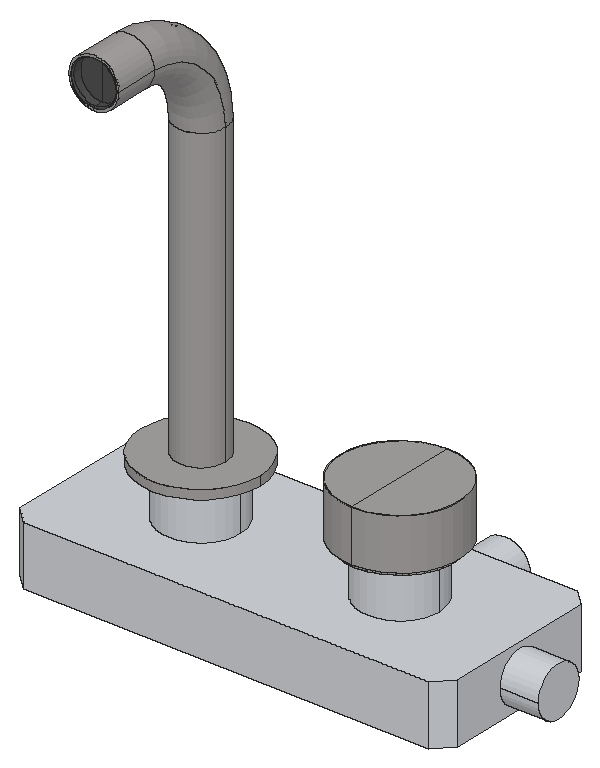
Revit family "Reece_Tap_Milli_Pure_Basin Mixer_Progressive_Wall Mounted_200 mm_Cirque Texture", category Plumbing Fixtures, host Face, Revit 2018
Family settings
  Host = Face
  Round Connector Dimension = Use Diameter
  Part Type = Normal
  Cut with Voids When Loaded = No
  Shared = Yes
  Room Calculation Point = Yes
Parameters (values of type "Brushed Gunmetal")
  WFU = 0  # constant formula
  URL = "https://www.reece.com.au/product/-2224796"
  Type Comments = "Tap"
  Reece_Tap_Reach = 200 mm  # constant formula
  Reece_Tap_Inlet = 12 mm  # constant formula
  Reece_Product_Web Page = "https://www.reece.com.au/product/-2224796"
  Reece_Product_Type = "Tap"  # constant formula
  Reece_Product_Sub Brand = "Pure"  # constant formula
  Reece_Product_Number = "2224796"
  Reece_Product_Mount = "Wall Mounted"
  Reece_Product_Description = "Milli Pure Progressive Wall Basin Mixer Tap System 200mm with Cirque Textured Handle Brushed Gunmetal (3 star)"
  Reece_Product_Brand = "Milli"  # constant formula
  Reece_Overall_Length = 212.5 mm  # constant formula
  Reece_Material_Secondary = Reece_Brass_Brushed Gunmetal_Cirque Pattern
  Reece_Material-Main = Reece_Brass_Brushed Gunmetal
  Reece_Detail_Tap_Handle Texture = "Cirque Texture"  # constant formula
  Reece_Detail_Installation = ""
  Reece_Detail_Disclaimer = "THIS FILE IS THE PROPERTY OF THE REECE GROUP. IT MAY NOT BE REPRODUCED, REVERSE-ENGINEERED OR MODIFIED. ANY REPUBLICATION, TRANSMISSION OR DISTRIBUTION FOR THE PURPOSE OF COMMERCIALLY EXPLOITING THE FILES IS PROHIBITED."  # constant formula
  Reece_Detail_Connector = ""
  Reece_Detail_Additional = "Basin Mixer"  # constant formula
  Reece_3D Texture = no
  Reece_3D Simplified Geometry = not(Reece_3D Texture)  # yes
  Model = "Pure"
  Manufacturer = "Milli"
  Keynote = "Product #2224796, Reece_Tap_Milli_Pure_Basin Mixer_Progressive_Wall Mounted_200 mm_Cirque Texture - Brushed Gunmetal"
  HWFU = 0  # constant formula
  Disclaimer = "THIS FILE IS THE PROPERTY OF THE REECE GROUP. IT MAY NOT BE REPRODUCED, REVERSE-ENGINEERED OR MODIFIED. ANY REPUBLICATION, TRANSMISSION OR DISTRIBUTION FOR THE PURPOSE OF COMMERCIALLY EXPLOITING THE FILES IS PROHIBITED."  # constant formula
  Description = "Milli Pure Progressive Wall Basin Mixer Tap System 200mm with Cirque Textured Handle Brushed Gunmetal (3 star)"
  Default Elevation = 1000 mm
  CWFU = 0  # constant formula
Types (7, lengths in mm): name | URL | Reece_Product_Web Page | Reece_Product_Number | Reece_Product_Description | Reece_Material_Secondary | Reece_Material-Main | Keynote | Description
  (no name) | "https://www.reece.com.au/product/-2224796" | "https://www.reece.com.au/product/-2224796" | "2224796" | "Milli Pure Progressive Wall Basin Mixer Tap System 200mm with Cirque Textured Handle Brushed Gunmetal (3 star)" | Reece_Brass_Brushed Gunmetal_Cirque Pattern | Reece_Brass_Brushed Gunmetal | "Product #2224796, Reece_Tap_Milli_Pure_Basin Mixer_Progressive_Wall Mounted_200 mm_Cirque Texture -  " | "Milli Pure Progressive Wall Basin Mixer Tap System 200mm with Cirque Textured Handle Brushed Gunmetal (3 star)"
  Brushed Gunmetal | "https://www.reece.com.au/product/-2224796" | "https://www.reece.com.au/product/-2224796" | "2224796" | "Milli Pure Progressive Wall Basin Mixer Tap System 200mm with Cirque Textured Handle Brushed Gunmetal (3 star)" | Reece_Brass_Brushed Gunmetal_Cirque Pattern | Reece_Brass_Brushed Gunmetal | "Product #2224796, Reece_Tap_Milli_Pure_Basin Mixer_Progressive_Wall Mounted_200 mm_Cirque Texture - Brushed Gunmetal" | "Milli Pure Progressive Wall Basin Mixer Tap System 200mm with Cirque Textured Handle Brushed Gunmetal (3 star)"
  Chrome | "https://www.reece.com.au/product/-2224794" | "https://www.reece.com.au/product/-2224794" | "2224794" | "Milli Pure Progressive Wall Basin Mixer Tap System 200mm with Cirque Textured Handle Chrome (3 star)" | Reece_Brass_Chrome_Cirque Pattern | Reece_Brass_Chrome | "Product #2224794, Reece_Tap_Milli_Pure_Basin Mixer_Progressive_Wall Mounted_200 mm_Cirque Texture - Chrome" | "Milli Pure Progressive Wall Basin Mixer Tap System 200mm with Cirque Textured Handle Chrome (3 star)"
  Matte Black | "https://www.reece.com.au/product/-2224797" | "https://www.reece.com.au/product/-2224797" | "2224797" | "Milli Pure Progressive Wall Basin Mixer Tap System 200mm with Cirque Textured Handle Matte Black (3 star)" | Reece_Brass_Matte Black_Cirque Pattern | Reece_Brass_Matte Black | "Product #2224797, Reece_Tap_Milli_Pure_Basin Mixer_Progressive_Wall Mounted_200 mm_Cirque Texture - Matte Black" | "Milli Pure Progressive Wall Basin Mixer Tap System 200mm with Cirque Textured Handle Matte Black (3 star)"
  Brushed Nickel | "https://www.reece.com.au/product/-2224795" | "https://www.reece.com.au/product/-2224795" | "2224795" | "Milli Pure Progressive Wall Basin Mixer Tap System 200mm with Cirque Textured Handle Brushed Nickel (3 star)" | Reece_Brass_Brushed Nickel_Cirque Pattern | Reece_Brass_Brushed Nickel | "Product #2224795, Reece_Tap_Milli_Pure_Basin Mixer_Progressive_Wall Mounted_200 mm_Cirque Texture - Brushed Nickel" | "Milli Pure Progressive Wall Basin Mixer Tap System 200mm with Cirque Textured Handle Brushed Nickel (3 star)"
  PVD Brushed Bronze | "https://www.reece.com.au/product/-9511045" | "https://www.reece.com.au/product/-9511045" | "9511045" | "Milli Pure Progressive Wall Basin Mixer Tap System 200mm with Cirque Textured Handle PVD Brushed Bronze (3 Star)" | Reece_PVD_Brushed Bronze_Cirque Pattern | Reece_PVD_Brushed Bronze | "Product #9511045, Reece_Tap_Milli_Pure_Basin Mixer_Progressive_Wall Mounted_200 mm_Cirque Texture - PVD Brushed Bronze" | "Milli Pure Progressive Wall Basin Mixer Tap System 200mm with Cirque Textured Handle PVD Brushed Bronze (3 Star)"
  PVD Brushed Gold | "https://www.reece.com.au/product/-9510860" | "https://www.reece.com.au/product/-9510860" | "9510860" | "Milli Pure Progressive Wall Basin Mixer Tap System 200mm with Cirque Textured Handle PVD Brushed Gold (3 Star)" | Reece_PVD_Brushed Gold_Cirque Pattern | Reece_PVD_Brushed Gold | "Product #9510860, Reece_Tap_Milli_Pure_Basin Mixer_Progressive_Wall Mounted_200 mm_Cirque Texture - PVD Brushed Gold" | "Milli Pure Progressive Wall Basin Mixer Tap System 200mm with Cirque Textured Handle PVD Brushed Gold (3 Star)"
Reference planes
  plane 1 "Center (Front/Back)": y = 0
  plane 2 "Bottom": z = 0
  plane 3 "Center (Left/Right)": x = 0
  plane 4 "Top": z = 212.5
  plane 5: z = 200
  plane 6: y = -67
Forms (mm)
  Extrusion 1, solid, material "Reece_Brass_Brushed Gunmetal" <- "Reece_Material-Main"
    sketch origin (0, 0, 0) x (1, 0, 0) y (0, 1, 0)
      loop
        circle (-50, 0) r 30
    from 0 to 4.5
  Extrusion 2, solid, material "Reece_Brass_Brushed Gunmetal" <- "Reece_Material-Main"
    sketch origin (0, 0, 0) x (1, 0, 0) y (0, 1, 0)
      loop
        circle (50, 0) r 28
    from 1.5 to 0
  Sweep 3, solid, material "Reece_Brass_Brushed Gunmetal" <- "Reece_Material-Main"
    path origin (0, 0, 0) x (0, 1, 0) y (0, 0, 1)
      loop
        line (-67, 200) -> (-45, 200)
        arc (-45, 200) -> (-13.18, 186.82) -> (0, 155) r 45
        line (0, 155) -> (0, 0)
    profile origin (0, 0, 77.5) x (1, 0, 0) y (0, 1, 0)
      loop
        circle (-50, 0) r 12.5
      loop
        circle (-50, 0) r 11.5
  Revolve 4, solid, material "Reece_Brass_Matte Black"
    sketch origin (-50, -183.21, 68.488) x (0, 0.572951, -0.81959) y (0, 0.81959, 0.572951)
      loop
        line (-38.39, 174.619) -> (-37.119, 176.437) -> (-46.38, 182.911) -> (-50.465, 177.068) -> (-49.461, 177.508) -> (-47.184, 180.766) -> (-38.39, 174.619)
      axis (-37.119, 176.437) -> (-41.203, 170.594)
    angle from 0 to 360
  Extrusion 5, solid
    sketch origin (0, 0, 0) x (1, 0, 0) y (0, 1, 0)
      loop
        circle (50, 0) r 20
    from 0 to -25
  Extrusion 6, solid
    sketch origin (0, 0, 0) x (1, 0, 0) y (0, 1, 0)
      loop
        line (-101.853, 46.5) -> (-110, 38.353) -> (-110, -38.353) -> (-101.853, -46.5) -> (101.853, -46.5) -> (110, -38.353) -> (110, 38.353) -> (101.853, 46.5) -> (-101.853, 46.5)
    from -55 to -25
  Extrusion 7, solid
    sketch origin (-100, 0, 0) x (1, 0, 0) y (0, 1, 0)
      loop
        circle (50, 0) r 20
    from 0 to -25
  Extrusion 8, solid
    sketch origin (0, 0, 0) x (1, 0, 0) y (0, 0, 1)
      loop
        circle (50, -40) r 12.5
    from -66.119 to -46.5
  Extrusion 9, solid
    sketch origin (63.5, 50, 0) x (0, -1, 0) y (0, 0, 1)
      loop
        circle (50, -40) r 12.5
    from -66.119 to -46.5
  Extrusion 10, void
    sketch origin (-100, 0, 0) x (1, 0, 0) y (0, 1, 0)
      loop
        circle (50, 0) r 25
    from 0 to -30
  Extrusion 11, void
    sketch origin (100, 0, 0) x (-1, 0, 0) y (0, -1, 0)
      loop
        circle (50, 0) r 25
    from 0 to -30
Cuts and joins
  Extrusion 11 cuts Extrusion 1
  Extrusion 11 cuts Sweep 3
  joined: Extrusion 1, Sweep 3
  Extrusion 11 cuts Extrusion 7
  Extrusion 11 cuts Extrusion 8
  Extrusion 11 cuts Extrusion 9
  joined: Extrusion 5, Extrusion 6, Extrusion 7, Extrusion 8, Extrusion 9
Text (mm)
  text "Reece Copyright © 2018, Reece Ltd." at (-1403.988, -1192.393, 0), in view "Ref. Level"
  text "Reece ©" at (44.384, 258.95, 192.345), in view "Reece Preview"
Dimensions and locks
  "Reece_Tap_Reach": plane 5 to plane 2 "Bottom"
  plane 1 "Center (Front/Back)" to plane 6 = 67 mm
  locked: plane 4 "Top" to plane 5 at 12.5
  "Reece_Overall_Length": plane 4 "Top" to plane 2 "Bottom"
  aligned and locked: plane 2 "Bottom" to host face
  aligned and locked: level to host face
  aligned and locked: host face to Extrusion 10
Automatic sketch dimensions
  host sketch curve to host sketch curve = 380.785 mm
  host sketch curve to host sketch curve = 317.421 mm
  plane 1 "Center (Front/Back)" to Extrusion 1 sketch curve = 0 mm
  Extrusion 1 sketch curve to plane 3 "Center (Left/Right)" = 50 mm
  plane 1 "Center (Front/Back)" to Extrusion 2 sketch curve = 0 mm
  plane 3 "Center (Left/Right)" to Extrusion 2 sketch curve = 50 mm
  Sweep 3 sketch curve to plane 5 = 0 mm
  Sweep 3 sketch curve to plane 6 = 0 mm
  level to Sweep 3 sketch curve = 0 mm
  Sweep 3 sketch curve to plane 1 "Center (Front/Back)" = 0 mm
  Sweep 3 sketch curve to plane 6 = 22 mm
  Sweep 3 sketch curve to Sweep 3 sketch curve = 0 mm  (x2)
  profile plane to Sweep 3 sketch curve = 0 mm
  Sweep 3 sketch curve to plane 3 "Center (Left/Right)" = 50 mm
  Revolve 4 sketch curve to plane 5 = 0 mm  (x4)
  Revolve 4 sketch curve to plane 6 = 0 mm
  Revolve 4 sketch curve to plane 4 "Top" = 1.2 mm
  Revolve 4 sketch curve to Revolve 4 sketch curve = 1.003 mm
  Revolve 4 sketch curve to Revolve 4 sketch curve = 2.278 mm
  Revolve 4 sketch curve to Revolve 4 sketch curve = 0.803 mm
  Revolve 4 sketch curve to Revolve 4 sketch curve = 1.271 mm
  Revolve 4 sketch curve to Revolve 4 sketch curve = 17.422 mm
  Revolve 4 sketch curve to Revolve 4 sketch curve = 3.892 mm
  Extrusion 5 sketch curve to Extrusion 5 sketch curve = 0 mm  (x2)
  plane 1 "Center (Front/Back)" to Extrusion 5 sketch curve = 0 mm
  plane 3 "Center (Left/Right)" to Extrusion 5 sketch curve = 50 mm
  Extrusion 5 sketch curve to Extrusion 5 sketch curve = 20 mm
  Extrusion 6 sketch curve to Extrusion 6 sketch curve = 8.147 mm  (x7)
  Extrusion 6 sketch curve to plane 1 "Center (Front/Back)" = 46.5 mm
  Extrusion 6 sketch curve to plane 3 "Center (Left/Right)" = 101.853 mm
  Extrusion 6 sketch curve to plane 6 = 20.5 mm
  Extrusion 6 sketch curve to Extrusion 6 sketch curve = 0 mm
  Extrusion 7 sketch curve to Extrusion 7 sketch curve = 0 mm  (x2)
  plane 1 "Center (Front/Back)" to Extrusion 7 sketch curve = 0 mm
  Extrusion 7 sketch curve to plane 3 "Center (Left/Right)" = 50 mm
  Extrusion 7 sketch curve to Extrusion 7 sketch curve = 20 mm
  plane 3 "Center (Left/Right)" to Extrusion 8 sketch curve = 50 mm
  Extrusion 8 sketch curve to level = 40 mm
  Extrusion 9 sketch curve to plane 1 "Center (Front/Back)" = 0 mm
  Extrusion 9 sketch curve to level = 40 mm
  Extrusion 10 sketch curve to Extrusion 10 sketch curve = 0 mm  (x2)
  plane 1 "Center (Front/Back)" to Extrusion 10 sketch curve = 0 mm
  Extrusion 10 sketch curve to plane 3 "Center (Left/Right)" = 50 mm
  Extrusion 10 sketch curve to Extrusion 10 sketch curve = 25 mm
  Extrusion 11 sketch curve to Extrusion 11 sketch curve = 0 mm  (x2)
  plane 1 "Center (Front/Back)" to Extrusion 11 sketch curve = 0 mm
  Extrusion 11 sketch curve to plane 3 "Center (Left/Right)" = 50 mm
  Extrusion 11 sketch curve to Extrusion 11 sketch curve = 25 mm
  plane 3 "Center (Left/Right)" to Extrusion 6 sketch curve = 101.853 mm
  radius of Extrusion 1 sketch curve = 30 mm
  radius of Extrusion 2 sketch curve = 28 mm
  radius of Sweep 3 sketch curve = 12.5 mm
  radius of Sweep 3 sketch curve = 11.5 mm
  radius of Extrusion 8 sketch curve = 12.5 mm
  radius of Extrusion 9 sketch curve = 12.5 mm
Nested families
  nested 1: "Reece_Tap_Milli_Pure_Diverter_Cirque Texture_Cap" at (50, 0, 0), visible <- "Reece_3D Texture", Reece_Material-Main <- "Reece_Material-Main", Reece_Material_Secondary <- "Reece_Material_Secondary", type "60mm x 28mm"
    with Reece_Material_Secondary Reece_Brass_Brushed Gunmetal_Cirque Pattern, Reece_Material-Main Reece_Brass_Brushed Gunmetal
  nested 2: "Reece_Tap_Milli_Pure_Diverter_Texture_Main_Nested" at (50, 0, 0), visible <- "Reece_3D Simplified Geometry", Reece_Material-Main <- "Reece_Material-Main", Reece_Material_Secondary <- "Reece_Material_Secondary", type "60mm x 28mm"
    with Reece_Material_Secondary Reece_Brass_Brushed Gunmetal_Cirque Pattern, Reece_Material-Main Reece_Brass_Brushed Gunmetal
Connectors
  piping at (50, 66.119, -40), diameter 12, driven by "Reece_Tap_Inlet"
    settings: on cut or joined group of Extrusion 5, Extrusion 6, Extrusion 7, Extrusion 8, Extrusion 9, Extrusion 11, index 1, connector inside diameter 609.6 mm, connector length 0 mm, flow factor 0, pipe flow 0.0 L/s, pressure drop 0.0 Pa, fitting loss kfactor 0, connector angle 0.00°, fixture units 0, engagement length 0 mm, angle of deflection 0.00°, flow configuration 0, flow direction 1, fitting loss method 0, system type 29, joint type 0, gender type 0, connector reference index -1, connector utility 0, adjustable connector no, is connector primary yes, connector description ""
  piping at (129.619, 0, -40), diameter 12, driven by "Reece_Tap_Inlet"
    settings: on cut or joined group of Extrusion 5, Extrusion 6, Extrusion 7, Extrusion 8, Extrusion 9, Extrusion 11, index 2, connector inside diameter 609.6 mm, connector length 0 mm, flow factor 0, pipe flow 0.0 L/s, pressure drop 0.0 Pa, fitting loss kfactor 0, connector angle 0.00°, fixture units 0, engagement length 0 mm, angle of deflection 0.00°, flow configuration 0, flow direction 1, fitting loss method 0, system type 29, joint type 0, gender type 0, connector reference index -1, connector utility 0, adjustable connector no, is connector primary no, connector description ""
Definition of nested family "Reece_Tap_Milli_Pure_Diverter_Cirque Texture_Cap"
  Parameters (values of type "60mm x 28mm")
    WFU = 0  # constant formula
    Reece_Overall_Length = 60 mm
    Reece_Overall_Height = 28 mm
    Reece_Material_Secondary [instance] = none
    Reece_Material-Main [instance] = none
    Reece_Detail_Installation = ""
    Reece_Detail_Connector = ""
    Reece_Detail_Additional = ""
    HWFU = 0  # constant formula
    Default Elevation = 1000 mm
    CWFU = 0  # constant formula
  Types (4, lengths in mm): name | Reece_Overall_Length | Reece_Overall_Height
    (no name) | 60 | 28
    54mm x 30mm | 54 | 30
    62mm x 30mm | 62 | 30
    60mm x 28mm | 60 | 28
  Reference planes
    plane 1 "Center (Front/Back)": y = 0
    plane 2 "Bottom": z = 0
    plane 3 "Center (Left/Right)": x = 0
    plane 4: y = -30
    plane 5: y = 30
    plane 6: z = 28
    plane 7: y = 28
    plane 8: z = 26.097
  Forms (mm)
    Extrusion 1, solid
      sketch origin (619.2, -619.2, 0) x (1, 0, 0) y (0, 1, 0)
        loop
          line (-809.2, 779.2) -> (-809.2, 461.779) -> (-428.415, 461.779) -> (-428.415, 779.2) -> (-809.2, 779.2)
      from 0 to -9.564
    Revolve 2, solid, material <- "Reece_Material-Main"
      sketch origin (0, 0, -140.292) x (0, 1, 0) y (0, 0, 1)
        loop
          line (0, 168.292) -> (-30, 168.292) -> (-30, 166.388)
          arc (-30, 166.388) -> (-29.55, 165.938) -> (-30, 165.488) r 0.45
          line (-30, 165.488) -> (-30, 164.322)
          arc (-30, 164.322) -> (-29.55, 163.872) -> (-30, 163.422) r 0.45
          line (-30, 163.422) -> (-30, 162.503)
          arc (-30, 162.503) -> (-29.55, 162.053) -> (-30, 161.603) r 0.45
          line (-30, 161.603) -> (-30, 160.603)
          arc (-30, 160.603) -> (-29.55, 160.153) -> (-30, 159.703) r 0.45
          line (-30, 159.703) -> (-30, 158.703)
          arc (-30, 158.703) -> (-29.55, 158.253) -> (-30, 157.803) r 0.45
          line (-30, 157.803) -> (-30, 156.926)
          arc (-30, 156.926) -> (-29.55, 156.476) -> (-30, 156.026) r 0.45
          line (-30, 156.026) -> (-30, 154.891)
          arc (-30, 154.891) -> (-29.55, 154.441) -> (-30, 153.991) r 0.45
          line (-30, 153.991) -> (-30, 153.011)
          arc (-30, 153.011) -> (-29.55, 152.561) -> (-30, 152.111) r 0.45
          line (-30, 152.111) -> (-30, 151.103)
          arc (-30, 151.103) -> (-29.55, 150.653) -> (-30, 150.203) r 0.45
          line (-30, 150.203) -> (-30, 149.092)
          arc (-30, 149.092) -> (-29.55, 148.642) -> (-30, 148.192) r 0.45
          line (-30, 148.192) -> (-30, 147.192)
          arc (-30, 147.192) -> (-29.55, 146.742) -> (-30, 146.292) r 0.45
          line (-30, 146.292) -> (-30, 142.292) -> (-28, 142.292) -> (-28, 140.292) -> (-26, 140.292) -> (-26, 164.803) -> (0, 164.803) -> (0, 168.292)
        axis (0, 140.292) -> (0, 168.292)
      angle from 0 to 360
  Text (mm)
    text "Reece Copyright © 2018, Reece Ltd." at (-1403.988, -1192.393, 0), in view "Ref. Level"
    text "Reece ©" at (44.384, 258.95, 192.345), in view "Reece Preview"
  Dimensions and locks
    equal spacing: plane 5, plane 1 "Center (Front/Back)", plane 4
    "Reece_Overall_Length": plane 5 to plane 4
    "Reece_Overall_Height": plane 6 to plane 2 "Bottom"
    locked: plane 5 to plane 7 at 2
    locked: plane 8 to plane 6 at 1.903
    aligned and locked: plane 2 "Bottom" to Extrusion 1
    aligned and locked: level to Extrusion 1
    aligned and locked: plane 6 to Revolve 2 sketch curve  (x2)
    aligned and locked: plane 8 to Revolve 2 sketch curve
  Automatic sketch dimensions
    Extrusion 1 sketch curve to Extrusion 1 sketch curve = 380.785 mm
    Extrusion 1 sketch curve to Extrusion 1 sketch curve = 317.421 mm
    Revolve 2 sketch curve to plane 4 = 0 mm
    level to Revolve 2 sketch curve = 0 mm
    Revolve 2 sketch curve to plane 1 "Center (Front/Back)" = 0 mm  (x2)
    level to Revolve 2 sketch curve = 2 mm
    Revolve 2 sketch curve to Revolve 2 sketch curve = 0.45 mm  (x11)
    Revolve 2 sketch curve to Revolve 2 sketch curve = 1 mm  (x3)
    Revolve 2 sketch curve to Revolve 2 sketch curve = 1.111 mm
    Revolve 2 sketch curve to Revolve 2 sketch curve = 1.458 mm
    Revolve 2 sketch curve to Revolve 2 sketch curve = 0.979 mm
    Revolve 2 sketch curve to Revolve 2 sketch curve = 1.135 mm
    Revolve 2 sketch curve to Revolve 2 sketch curve = 0.877 mm
    Revolve 2 sketch curve to Revolve 2 sketch curve = 0.919 mm
    Revolve 2 sketch curve to plane 6 = 3.489 mm
    Revolve 2 sketch curve to Revolve 2 sketch curve = 1.166 mm
    Revolve 2 sketch curve to Revolve 2 sketch curve = 17.996 mm
    Revolve 2 sketch curve to Revolve 2 sketch curve = 3.712 mm
    plane 4 to Revolve 2 sketch curve = 2 mm
    plane 4 to Revolve 2 sketch curve = 4 mm
Definition of nested family "Reece_Tap_Milli_Pure_Diverter_Texture_Main_Nested"
  Parameters (values of type "54mm x 30mm")
    WFU = 0  # constant formula
    Reece_Overall_Width = 54 mm
    Reece_Overall_Height = 30 mm
    Reece_Material_Secondary [instance] = none
    Reece_Material-Main [instance] = none
    Reece_Detail_Installation = ""
    Reece_Detail_Connector = ""
    Reece_Detail_Additional = ""
    HWFU = 0  # constant formula
    Default Elevation = 1000 mm
    CWFU = 0  # constant formula
  Types (3, lengths in mm): name | Reece_Overall_Width | Reece_Overall_Height
    62mm x 30mm | 62 | 30
    60mm x 28mm | 60 | 28
    54mm x 30mm | 54 | 30
  Reference planes
    plane 1 "Center (Front/Back)": y = 0
    plane 2 "Bottom": z = 0
    plane 3 "Center (Left/Right)": x = 0
    plane 4: y = -27
    plane 5: y = 27
    plane 6: z = 30
    plane 7: y = -25
    plane 8: y = 25
    plane 9: z = 16
    plane 10: z = 2
  Forms (mm)
    Extrusion 1, solid
      sketch origin (619.2, -619.2, 0) x (1, 0, 0) y (0, 1, 0)
        loop
          line (-809.2, 779.2) -> (-809.2, 461.779) -> (-428.415, 461.779) -> (-428.415, 779.2) -> (-809.2, 779.2)
      from 0 to -9.564
    Revolve 2, solid, material <- "Reece_Material_Secondary"
      sketch origin (0, 50, 0) x (0, -1, 0) y (0, 0, 1)
        loop
          line (50, 0) -> (75, 0) -> (75, 2) -> (77, 2) -> (77, 30) -> (75, 28) -> (50, 28) -> (50, 0)
        axis (50, 0) -> (50, 30)
      angle from 0 to 360
    Revolve 3, solid, material <- "Reece_Material-Main"
      sketch origin (0, 50, 0) x (0, -1, 0) y (0, 0, 1)
        loop
          line (77, 30) -> (50, 30) -> (50, 28) -> (75, 28) -> (77, 30)
        axis (50, 28) -> (50, 30)
      angle from 0 to 360
  Text (mm)
    text "Reece Copyright © 2018, Reece Ltd." at (-1403.988, -1192.393, 0), in view "Ref. Level"
    text "Reece ©" at (44.384, 258.95, 192.345), in view "Reece Preview"
  Dimensions and locks
    equal spacing: plane 5, plane 1 "Center (Front/Back)", plane 4
    "Reece_Overall_Width": plane 5 to plane 4
    "Reece_Overall_Height": plane 6 to plane 2 "Bottom"
    locked: plane 7 to plane 4 at 2
    locked: plane 5 to plane 8 at 2
    equal spacing: plane 6, plane 9, plane 10
    locked: plane 10 to plane 2 "Bottom" at 2
    aligned and locked: plane 2 "Bottom" to Extrusion 1
    aligned and locked: level to Extrusion 1
    aligned and locked: plane 7 to Revolve 2 sketch curve
  Automatic sketch dimensions
    Extrusion 1 sketch curve to Extrusion 1 sketch curve = 380.785 mm
    Extrusion 1 sketch curve to Extrusion 1 sketch curve = 317.421 mm
    Revolve 2 sketch curve to plane 1 "Center (Front/Back)" = 0 mm  (x2)
    Revolve 2 sketch curve to level = 0 mm
    Revolve 2 sketch curve to plane 7 = 0 mm
    Revolve 2 sketch curve to plane 4 = 0 mm
    Revolve 2 sketch curve to plane 6 = 0 mm  (x2)
    level to Revolve 2 sketch curve = 2 mm
    Revolve 2 sketch curve to plane 6 = 2 mm
    Revolve 2 sketch curve to Revolve 2 sketch curve = 10 mm
    Revolve 3 sketch curve to plane 1 "Center (Front/Back)" = 0 mm  (x2)
    Revolve 3 sketch curve to plane 7 = 0 mm
    Revolve 3 sketch curve to plane 4 = 0 mm
    Revolve 3 sketch curve to plane 6 = 0 mm  (x2)
    Revolve 3 sketch curve to plane 6 = 2 mm
    Revolve 3 sketch curve to Revolve 3 sketch curve = 10 mm
